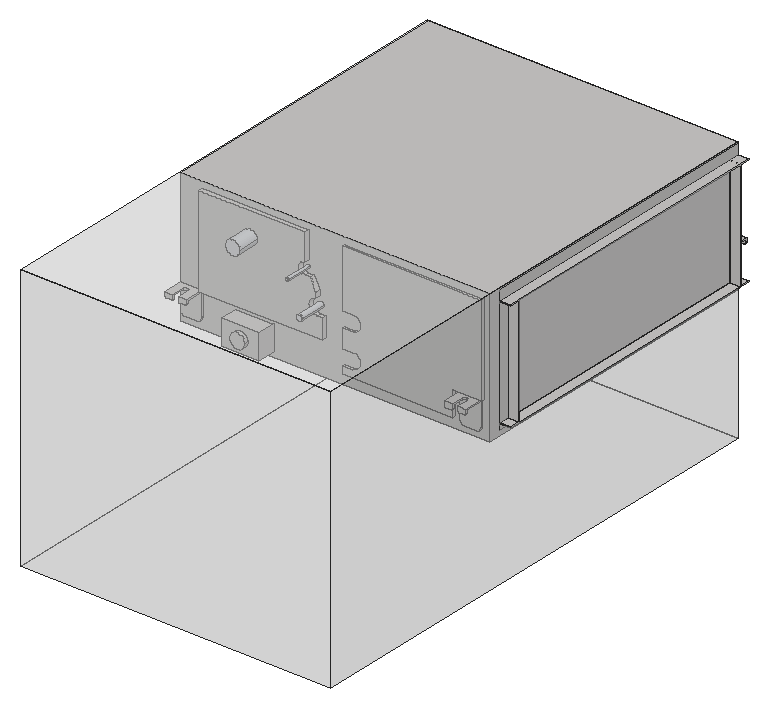
Revit family "outputfile", category 機械設備, Revit 2024
Family settings
  丸型コネクタ寸法 = 半径を使用
  パーツ タイプ = 標準
  OmniClass 番号 = 23.75.10.24.21.27.27
  OmniClass タイトル = Split System Air Conditioning Units
  作業面ベース = いいえ
  常に垂直 = はい
  ロード時にボイドで切り取り = いいえ
  注釈の向きを維持 = いいえ
  共有 = いいえ
  部屋計算ポイント = はい
Parameters (values of type "FXMQ40PBV1")
  製造元 = "Daikin"
  書き出し IFC クラス(タイプ) = "IfcUnitaryEquipmentType"
  定義済み IFC タイプ(タイプ) = "AIRCONDITIONINGUNIT"
  モデル = "FXMQ40PBV1"
  r_Liquid Pipe Size = Liquid Pipe Size / 2  # 3.2 mm
  r_Gas Pipe Size = Gas Pipe Size / 2  # 6.35 mm
  r_Drain Pipe Size = Drain Pipe Size / 2  # 16.0 mm
  lw_power = 396.0 mm  # constant formula
  lh_SA = 165.0 mm  # constant formula
  lw_SA = if(Depth = 550.0 mm, 210.0 mm, if(Depth = 700.0 mm, 285.0 mm, if(Depth = 1000.0 mm, 435.0 mm, 635.0 mm)))  # 285.0 mm
  lw_RA = if(Depth = 550.0 mm, 288.0 mm, if(Depth = 700.0 mm, 363.0 mm, if(Depth = 1000.0 mm, 513.0 mm, 713.0 mm)))  # 363.0 mm
  lh_power = 60.0 mm + [h***]  # 60.0 mm
  lh_mountinghole1 = lh_mountinghole + [h***]  # 80.0 mm
  lh_RA = 150.0 mm  # constant formula
  ld_power = Depth / 2  # 350.0 mm
  Voltage_comment_60Hz = "220-240"
  Voltage_comment_50Hz = "220-240"
  Voltage_60Hz = 220 V
  Voltage_50Hz = 220 V
  Supply Air Direction [instance] = yes
  Phase_60Hz = 1
  Phase_50Hz = 1
  Minimum External Static Pressure = 30.00 Pa
  Minimum Circuit Amps_60Hz = 1.4 A
  Minimum Circuit Amps_50Hz = 1.4 A
  Maximum Fuse Amps_60Hz = 16.0 A
  Maximum Fuse Amps_50Hz = 16.0 A
  Maximum External Static Pressure = 160.00 Pa
  Material_Casing = DAIKIN_GalvanizedSteel_Casing_indoorunit
  lw_mountinghole = 631.0 mm  # constant formula
  lh_gaspipe = 144.0 mm + [h***]  # 144.0 mm
  lh_mountinghole = 80.0 mm  # constant formula
  lh_liquidpipe = 212.0 mm + [h***]  # 212.0 mm
  lh_drainpipe = 232.0 mm + [h***]  # 232.0 mm
  lh_antena = Height - lh_mountinghole + 1.0 mm  # 221.0 mm
  ld_drainpipe = Depth / 2 + 59.0 mm  # 409.0 mm
  ld_liquidpipe = 410.0 mm
  ld_gaspipe = 410.0 mm
  ld_mountinghole = Depth + 38.0 mm  # 738.0 mm
  h*** = 0.0 mm  # constant formula
  lw_liquidpipe = 290.0 mm  # constant formula
  lw_gaspipe = 318.0 mm  # constant formula
  lw_drainpipe = 167.0 mm  # constant formula
  Width = 700.0 mm
  Version = "ver.1.0"
  Unit Type = "Duct_M.S.P."
  Unit Mass Weight = 27.00 kg
  Unit Designation [instance] = ""
  Uniclass2015Version = "Products v1.30"
  Uniclass2015Title = "Variable refrigerant flow units"
  Uniclass2015Code = "Pr_70_65_03_94"
  Total Heating Capacity [instance] = 0.000 kW
  Total Cooling Capacity [instance] = 0.000 kW
  Sound Pressure Level_L speed (dBA) = 35
  Sound Pressure Level_H speed (dBA) = 37
  Series = "VRV Fan Coil Unit"
  Sensible Cooling Capacity [instance] = 0.000 kW
  SA Duct Size Width = if(Depth = 550.0 mm, 310.0 mm, if(Depth = 700.0 mm, 460.0 mm, if(Depth = 1000.0 mm, 760.0 mm, 1160.0 mm)))  # 460.0 mm
  SA Duct Size Height = 215.0 mm
  Refrigerant Type = "R410A"
  RA Duct Size Width = if(Depth = 550.0 mm, 475.0 mm, if(Depth = 700.0 mm, 625.0 mm, if(Depth = 1000.0 mm, 925.0 mm, 1325.0 mm)))  # 625.0 mm
  RA Duct Size Height = 247.0 mm
  Power Input (Heating) = 0.139 kW
  Power Input (Cooling) = 0.151 kW
  Option Accessory 3 [instance] = ""
  Option Accessory 2 [instance] = ""
  Option Accessory 1 [instance] = ""
  Nominal Heating Capacity = 5.000 kW
  Nominal Cooling Capacity = 4.500 kW
  Minimum Airflow = 660.00 m³/h
  Median Airflow = 0.00 m³/h
  Maximum Airflow = 780.00 m³/h
  Load Classification = HVAC
  Liquid Pipe Size = 6.4 mm
  Link_Nested Family [instance] = ""
  IfcVersion = ""
  IfcExportType = "AIRCONDITIONINGUNIT"
  IfcExportAs = "IfcUnitaryEquipmentType"
  Height = 300.0 mm
  Heating Entering Wet Bulb Temperature [instance] = 0.00 °C
  Heating Entering Dry Bulb Temperature [instance] = 0.00 °C
  Heating Ambient Wet Bulb Temperature [instance] = 0.00 °C
  Heating Ambient Dry Bulb Temperature [instance] = 0.00 °C
  Heat Exchanger Type = "Cross Fin Coil"
  Gas Pipe Size = 12.7 mm
  Frequency_60Hz = 60 Hz
  Frequency_50Hz = 50 Hz
  Fan Type = "Sirocco Fan"
  Fan Drive = "Direct Drive"
  FCU Tag No. [instance] = ""
  Drain Pipe Size = 32.0 mm
  Design Supply Airflow [instance] = 0.00 m³/h
  Design Return Airflow [instance] = 0.00 m³/h
  Design External Static Pressure [instance] = 0.00 Pa
  Depth = 700.0 mm
  既定の高さ = 0.0 mm
  Cooling Entering Wet Bulb Temperature [instance] = 0.00 °C
  Cooling Entering Dry Bulb Temperature [instance] = 0.00 °C
  Cooling Ambient Wet Bulb Temperature [instance] = 0.00 °C
  Cooling Ambient Dry Bulb Temperature [instance] = 0.00 °C
  Clearance visibility [instance] = yes
  Clearance Top = 0.0 mm
  Clearance Right = 0.0 mm
  Clearance Rear = 0.0 mm
  Clearance Left = 0.0 mm
  Clearance Front = 450.0 mm
  Clearance Bottom = 300.0 mm
Reference planes
  plane 1 "Center (Front/Back)": y = 0
  plane 2 "h": z = 0
  plane 3 "Center (Left/Right)": x = 0
  plane 4 "Back": y = 350
  plane 5 "Front": y = -350
  plane 6 "Left": x = -350
  plane 7 "Reight": x = 350
  plane 8 "Top": z = 0
  plane 9 "Bottom": z = -300
  plane 10: y = -215
  plane 11: y = 350
  plane 12: y = -800
  plane 13: x = -350
  plane 14: x = 350
  plane 15: z = 0
  plane 16: z = -600
  plane 17: x = -350
  plane 18: z = -135
  plane 19: x = -349
  plane 20: x = 349
  plane 21: y = 65
  plane 22: y = 13
  plane 23: z = -150
  plane 24: y = -360.8
  plane 25: z = -14
  plane 26: z = -219
  plane 27: x = -60
  plane 28: x = -20
  plane 29: z = -156
  plane 30: x = -32
  plane 31: z = -88
  plane 32: x = 23
  plane 33: x = 335
  plane 34: z = -15.8
  plane 35: z = -274.8
  plane 36: z = -219.8
  plane 37: x = 271
  plane 38: x = -223.3
  plane 39: x = -138.3
  plane 40: z = -232.7
  plane 41: z = -288.5
  plane 42: y = -391
  plane 43: x = -181
  plane 44: z = -260
  plane 45: y = -399
  plane 46: z = -163.8
  plane 47: z = -239.8
  plane 48: x = 46
  plane 49: z = -88
  plane 50: x = -60
  plane 51: y = -410
  plane 52: z = -156
  plane 53: x = -32
  plane 54: y = -409
  plane 55: z = -68
  plane 56: x = -183
  plane 57: x = -183
  plane 58: x = -60
  plane 59: x = -32
  plane 60: x = 46
  plane 61: x = -323
  plane 62: x = 308
  plane 63: y = -369
  plane 64: y = 369
  plane 65: z = -220
  plane 66: y = -356
  plane 67: x = -298.5
  plane 68: x = -374
  plane 69: x = 374
Forms (mm)
  Extrusion 1, solid, material "DAIKIN_GalvanizedSteel_Casing_indoorunit" <- "Material_Casing"
    sketch origin (0, 0, 0) x (1, 0, 0) y (0, 1, 0)
      loop
        line (-349, 350) -> (-349, -350) -> (349, -350) -> (349, 350) -> (-349, 350)
    from -300 to 0
  Extrusion 2, solid, material "DAIKIN_GalvanizedSteel_Casing_indoorunit" <- "Material_Casing"
    sketch origin (0, 0, 0) x (1, 0, 0) y (0, 0, 1)
      loop
        line (-298.5, -219) -> (-20, -219) -> (-20, -173.5) -> (-32, -173.5)
        arc (-32, -173.5) -> (-49.471, -157.002) -> (-34, -138.615) r 17.5
        line (-34, -138.615) -> (-34, -127.5) -> (-47, -101) -> (-60, -101)
        arc (-60, -101) -> (-73, -88) -> (-60, -75) r 13
        line (-60, -75) -> (-60, -14) -> (-298.5, -14) -> (-298.5, -219)
    from 350 to 360.8
  Extrusion 3, solid, material "DAIKIN_GalvanizedSteel_Casing_indoorunit" <- "Material_Casing"
    sketch origin (0, 0, 0) x (1, 0, 0) y (0, 0, 1)
      loop
        line (23, -274.8) -> (271, -274.8) -> (271, -219.8) -> (335, -219.8) -> (335, -15.8) -> (23, -15.8) -> (23, -146.3) -> (46, -146.3)
        arc (46, -146.3) -> (63.5, -163.8) -> (46, -181.3) r 17.5
        line (46, -181.3) -> (23, -181.3) -> (23, -222.3) -> (46, -222.3)
        arc (46, -222.3) -> (63.5, -239.8) -> (46, -257.3) r 17.5
        line (46, -257.3) -> (23, -257.3) -> (23, -274.8)
    from 350 to 356
  Extrusion 4, solid, material "DAIKIN_GalvanizedSteel_Casing_indoorunit" <- "Material_Casing"
    sketch origin (0, 0, 0) x (1, 0, 0) y (0, 0, 1)
      loop
        line (-223.3, -232.7) -> (-223.3, -288.5) -> (-138.3, -288.5) -> (-138.3, -232.7) -> (-223.3, -232.7)
    from 350 to 391
  Extrusion 5, solid, material "DAIKIN_GalvanizedSteel_Casing_indoorunit" <- "Material_Casing"
    sketch origin (0, 0, 0) x (1, 0, 0) y (0, 0, 1)
      loop
        circle (-181, -260) r 16.5
    from 391 to 399
  Extrusion 6, solid
    sketch origin (0, 0, 0) x (1, 0, 0) y (0, 0, 1)
      loop
        circle (-60, -88) r 3.2
    from 350 to 410
  Extrusion 7, solid
    sketch origin (0, 0, 0) x (1, 0, 0) y (0, 0, 1)
      loop
        circle (-32, -156) r 6.35
    from 350 to 410
  Extrusion 8, solid
    sketch origin (0, 0, 0) x (1, 0, 0) y (0, 0, 1)
      loop
        circle (-183, -68) r 16
    from 360.8 to 409
Dimensions and locks
  "Height": plane 8 "Top" to plane 9 "Bottom"
  equal spacing: plane 4 "Back", plane 1 "Center (Front/Back)", plane 5 "Front"
  "Depth": plane 4 "Back" to plane 5 "Front"
  equal spacing: plane 6 "Left", plane 3 "Center (Left/Right)", plane 7 "Reight"
  "Width": plane 6 "Left" to plane 7 "Reight"
  "Clearance Left": plane 13 to plane 6 "Left"
  "Clearance Right": plane 7 "Reight" to plane 14
  "Clearance Rear": plane 11 to plane 4 "Back"
  "Clearance Front": plane 5 "Front" to plane 12
  "Clearance Top": plane 15 to plane 8 "Top"
  "Clearance Bottom": plane 9 "Bottom" to plane 16
  "lh_SA": plane 18 to plane 9 "Bottom"
  locked: plane 17 to plane 19 at 1
  "lw_SA": plane 4 "Back" to plane 21
  "lw_RA": plane 22 to plane 5 "Front"
  "lh_RA": plane 23 to plane 9 "Bottom"
  locked: plane 5 "Front" to plane 24 at 10.8
  plane 30 to plane 27 to plane 6 "Left" = 28.0 mm locked, 290.0 mm locked
  plane 33 to plane 32 to plane 6 "Left" = 312.0 mm locked, 373.0 mm locked
  locked: plane 33 to plane 37 at 64
  locked: plane 36 to plane 35 at 55
  plane 39 to plane 38 to plane 6 "Left" = 85.0 mm locked, 126.7 mm locked
  locked: plane 5 "Front" to plane 42 at 41
  locked: plane 43 to plane 6 "Left" at 169
  locked: plane 42 to plane 45 at 8
  plane 46 to plane 47 to plane 35 = 76.0 mm locked, 35.0 mm locked
  locked: plane 48 to plane 32 at 23
  "lw_liquidpipe": plane 50 to plane 6 "Left"
  "lh_liquidpipe": plane 49 to plane 9 "Bottom"
  "lh_gaspipe": plane 52 to plane 9 "Bottom"
  "lw_gaspipe": plane 53 to plane 6 "Left"
  "ld_gaspipe": plane 51 to plane 1 "Center (Front/Back)"
  "ld_drainpipe": plane 54 to plane 1 "Center (Front/Back)"
  "lh_drainpipe": plane 55 to plane 9 "Bottom"
  "lw_drainpipe": plane 56 to plane 6 "Left"
  "lw_drainpipe": plane 6 "Left" to plane 57
  "lw_liquidpipe": plane 6 "Left" to plane 58
  "lw_gaspipe": plane 6 "Left" to plane 59
  "lw_power": plane 6 "Left" to plane 60
  plane 17 to plane 61 = 27.0 mm
  "lw_mountinghole": plane 61 to plane 62
  equal spacing: plane 63, plane 1 "Center (Front/Back)", plane 64
  "ld_mountinghole": plane 64 to plane 63
  "lh_mountinghole": plane 65 to plane 9 "Bottom"
  plane 8 "Top" to plane 40 to plane 41 = 232.7 mm locked, 55.8 mm locked
  locked: plane 8 "Top" to plane 44 at 260
  plane 8 "Top" to plane 25 to plane 26 = 14.0 mm locked, 205.0 mm locked
  plane 8 "Top" to plane 31 to plane 29 = 88.0 mm locked, 68.0 mm locked
  plane 8 "Top" to plane 34 to plane 35 = 15.8 mm locked, 259.0 mm locked
  locked: plane 5 "Front" to plane 66 at 6
  locked: plane 68 to plane 6 "Left" at 24
  locked: plane 7 "Reight" to plane 69 at 24
  locked: plane 67 to plane 13 at 51.5
  locked: plane 28 to plane 30 at 12
  locked: Extrusion 2 sketch curve to plane 27 at 26
  plane 5 "Front" to plane 51 = 60.0 mm
  plane 5 "Front" to plane 54 = 59.0 mm
  locked: plane 20 to plane 7 "Reight" at 1
  "r_Liquid Pipe Size": radius of Extrusion 6 sketch curve
  "r_Gas Pipe Size": radius of Extrusion 7 sketch curve
  "r_Drain Pipe Size": radius of Extrusion 8 sketch curve
  aligned and locked: level to plane 2 "h"
  aligned and locked: plane 8 "Top" to Extrusion 1
  aligned and locked: Extrusion 1 to plane 9 "Bottom"
  aligned and locked: nested 5 to plane 12
  aligned and locked: plane 13 to nested 5
  aligned and locked: plane 14 to nested 5
  aligned and locked: nested 5 to plane 13
  aligned and locked: plane 11 to nested 5
  aligned and locked: plane 15 to nested 5
  aligned and locked: plane 16 to nested 5
  aligned and locked: plane 5 "Front" to Extrusion 1 sketch curve
  aligned and locked: Extrusion 1 to plane 19
  aligned and locked: plane 20 to Extrusion 1
  aligned and locked: nested 7 to plane 19
  aligned and locked: nested 7 to plane 21
  aligned and locked: plane 18 to nested 7
  aligned and locked: plane 20 to nested 8
  aligned and locked: plane 22 to nested 8
  aligned and locked: plane 23 to nested 8
  aligned and locked: Extrusion 2 to plane 24
  aligned and locked: plane 5 "Front" to Extrusion 2
  aligned and locked: plane 35 to Extrusion 3 sketch curve
  aligned and locked: plane 37 to Extrusion 3 sketch curve
  aligned and locked: plane 36 to Extrusion 3 sketch curve
  aligned and locked: Extrusion 3 sketch curve to plane 33
  aligned and locked: Extrusion 3 sketch curve to plane 34
  aligned and locked: Extrusion 3 sketch curve to plane 32
  aligned and locked: plane 5 "Front" to Extrusion 3
  aligned and locked: Extrusion 4 sketch curve to plane 40
  aligned and locked: Extrusion 4 sketch curve to plane 38
  aligned and locked: plane 41 to Extrusion 4 sketch curve
  aligned and locked: plane 39 to Extrusion 4 sketch curve
  aligned and locked: Extrusion 4 to plane 42
  aligned and locked: plane 5 "Front" to Extrusion 4
  aligned and locked: Extrusion 5 sketch curve to plane 43
  aligned and locked: plane 44 to Extrusion 5 sketch curve
  aligned and locked: Extrusion 5 to plane 45
  aligned and locked: plane 42 to Extrusion 5
  aligned and locked: Extrusion 6 sketch curve to plane 50
  aligned and locked: plane 49 to Extrusion 6 sketch curve
  aligned and locked: Extrusion 6 to plane 51
  aligned and locked: plane 5 "Front" to Extrusion 6
  aligned and locked: Extrusion 7 sketch curve to plane 53
  aligned and locked: plane 52 to Extrusion 7 sketch curve
  aligned and locked: Extrusion 7 to Extrusion 6
  aligned and locked: plane 5 "Front" to Extrusion 7
  aligned and locked: Extrusion 8 sketch curve to plane 56
  aligned and locked: Extrusion 8 sketch curve to plane 55
  aligned and locked: Extrusion 8 to plane 54
  aligned and locked: plane 24 to Extrusion 8
  aligned and locked: nested 3 to plane 54
  aligned and locked: plane 57 to nested 3
  aligned and locked: plane 58 to nested 2
  aligned and locked: nested 2 to plane 51
  aligned and locked: nested 1 to plane 59
  aligned and locked: Extrusion 7 to plane 51
  aligned and locked: nested 1 to plane 51
  aligned and locked: nested 6 to plane 5 "Front"
  aligned and locked: nested 6 to plane 60
  aligned and locked: plane 61 to nested 10
  aligned and locked: nested 10 to plane 5 "Front"
  aligned and locked: plane 62 to nested 9
  aligned and locked: nested 9 to plane 5 "Front"
  aligned and locked: nested 11 to plane 61
  aligned and locked: plane 4 "Back" to nested 11
  aligned and locked: nested 12 to plane 62
  aligned and locked: plane 4 "Back" to nested 12
  aligned and locked: plane 65 to nested 10
  aligned and locked: plane 65 to nested 11
  aligned and locked: plane 65 to nested 9
  aligned and locked: plane 65 to nested 12
  aligned and locked: plane 61 to nested 14
  aligned and locked: nested 14 to plane 64
  aligned and locked: plane 62 to nested 13
  aligned and locked: nested 13 to plane 64
  aligned and locked: plane 62 to nested 16
  aligned and locked: plane 63 to nested 16
  aligned and locked: plane 63 to nested 15
  aligned and locked: plane 61 to nested 15
  aligned and locked: Extrusion 3 to plane 66
  aligned and locked: plane 67 to Extrusion 2 sketch curve
  aligned and locked: nested 17 to plane 21
  aligned and locked: nested 17 to plane 68
  aligned and locked: plane 18 to nested 17
  aligned and locked: plane 22 to nested 18
  aligned and locked: plane 69 to nested 18
  aligned and locked: nested 18 to plane 23
  aligned and locked: nested 4 to plane 3 "Center (Left/Right)"
  aligned and locked: plane 1 "Center (Front/Back)" to nested 4
  aligned and locked: level to plane 8 "Top"
  aligned and locked: Extrusion 2 sketch curve to plane 28
  aligned and locked: Extrusion 2 sketch curve to plane 26
Automatic sketch dimensions
  plane 6 "Left" to Extrusion 1 sketch curve = 1.0 mm
  Extrusion 1 sketch curve to plane 7 "Reight" = 1.0 mm
  Extrusion 1 sketch curve to plane 4 "Back" = 0.0 mm
  Extrusion 3 sketch curve to plane 32 = 0.0 mm  (x2)
  Extrusion 3 sketch curve to plane 46 = 0.0 mm
  Extrusion 3 sketch curve to plane 48 = 0.0 mm  (x2)
  Extrusion 3 sketch curve to plane 47 = 0.0 mm
  Extrusion 3 sketch curve to plane 36 = 2.5 mm
  plane 23 to Extrusion 3 sketch curve = 3.7 mm
  Extrusion 2 sketch curve to plane 25 = 0.0 mm
  plane 27 to Extrusion 2 sketch curve = 0.0 mm
  Extrusion 2 sketch curve to plane 30 = 0.0 mm
  Extrusion 2 sketch curve to plane 29 = 0.0 mm
  Extrusion 2 sketch curve to plane 31 = 0.0 mm
  Extrusion 2 sketch curve to Extrusion 2 sketch curve = 13.0 mm
  Extrusion 2 sketch curve to plane 29 = 17.5 mm
  Extrusion 2 sketch curve to plane 31 = 13.0 mm
  plane 18 to Extrusion 2 sketch curve = 7.5 mm
  radius of Extrusion 5 sketch curve = 16.5 mm
Nested families
  nested 1: "daikin_connector_rotate2" at (-32, 0, -156), length <- "ld_gaspipe", built-in parameter 1001364 <- "lh_gaspipe", radius <- "r_Gas Pipe Size", type "daikin_connector_rotate2"
    with radius 6.35 mm, length 410.0 mm, angle_vertical 90.00°
  nested 2: "daikin_connector_rotate2" at (-60, 0, -88), length <- "ld_liquidpipe", built-in parameter 1001364 <- "lh_liquidpipe", radius <- "r_Liquid Pipe Size", type "daikin_connector_rotate2"
    with radius 3.2 mm, length 410.0 mm, angle_vertical 90.00°
  nested 3: "daikin_connector_rotate2" at (-183, 0, -68), length <- "ld_drainpipe", built-in parameter 1001364 <- "lh_drainpipe", radius <- "r_Drain Pipe Size", type "daikin_connector_rotate2"
    with radius 16.0 mm, length 409.0 mm, angle_vertical 90.00°
  nested 4: "daikin_△_symbolicline" at (0, 0, 300) x (0, -1, 0) z (0, 0, 1), built-in parameter 1001364 <- "Height", visible <- "Supply Air Direction", type "daikin_△_symbolicline"
    with length 200.0 mm
  nested 5: "daikin_clearancespace" at (0, -225, -299.881), visible <- "Clearance visibility", show <- "Clearance visibility", Link_Nested Family <- "Link_Nested Family", type "daikin_clearancespace"
    with width 700.0 mm, show yes, height 600.0 mm, depth 1150.0 mm, Link_Nested Family ""
  nested 6: "daikin_connector_rotate2" at (46, 0, -240), built-in parameter 1001364 <- "lh_power", length <- "ld_power", type "daikin_connector_rotate2"
    with radius 10.0 mm, length 350.0 mm, angle_vertical 90.00°
  nested 7: "daikin_ductflange_FXMQ-PBV1_2" at (-349, 65, -135) x (0, -1, 0) z (0, 0, 1), type "daikin_ductflange_FXMQ-PBV1_2"
    with width 460.0 mm, w 700.0 mm
  nested 8: "daikin_ductflange_FXMQ-PBV1_1" at (349, 13, -150) x (0, 1, 0) z (0, 0, 1), type "daikin_ductflange_FXMQ-PBV1_1"
    with width 625.0 mm, w 700.0 mm
  nested 9: "daikin_hangerfixture_FXMQ-PBV1" at (308, -350, -220), type "daikin_hangerfixture_FXMQ-PBV1"
  nested 10: "daikin_hangerfixture_FXMQ-PBV1" at (-323, -350, -220), type "daikin_hangerfixture_FXMQ-PBV1"
  nested 11: "daikin_hangerfixture_FXMQ-PBV1" at (-323, 350, -220) x (-1, 0, 0) z (0, 0, 1), type "daikin_hangerfixture_FXMQ-PBV1"
  nested 12: "daikin_hangerfixture_FXMQ-PBV1" at (308, 350, -220) x (-1, 0, 0) z (0, 0, 1), type "daikin_hangerfixture_FXMQ-PBV1"
  nested 13: "daikin_mountinghole" at (308, 369, -300), h_mountinghole <- "lh_mountinghole1", l_antenna <- "lh_antena", Link_Nested Family <- "Link_Nested Family", type "daikin_mountinghole"
    with show yes, l_antenna 221.0 mm, h_mountinghole 80.0 mm, Link_Nested Family ""
  nested 14: "daikin_mountinghole" at (-323, 369, -300), h_mountinghole <- "lh_mountinghole1", l_antenna <- "lh_antena", Link_Nested Family <- "Link_Nested Family", type "daikin_mountinghole"
    with show yes, l_antenna 221.0 mm, h_mountinghole 80.0 mm, Link_Nested Family ""
  nested 15: "daikin_mountinghole" at (-323, -369, -300), h_mountinghole <- "lh_mountinghole1", l_antenna <- "lh_antena", Link_Nested Family <- "Link_Nested Family", type "daikin_mountinghole"
    with show yes, l_antenna 221.0 mm, h_mountinghole 80.0 mm, Link_Nested Family ""
  nested 16: "daikin_mountinghole" at (308, -369, -300), h_mountinghole <- "lh_mountinghole1", l_antenna <- "lh_antena", Link_Nested Family <- "Link_Nested Family", type "daikin_mountinghole"
    with show yes, l_antenna 221.0 mm, h_mountinghole 80.0 mm, Link_Nested Family ""
  nested 17: "daikin_connector_rotate2" at (-350, 65, -135) x (0, -1, 0) z (0, 0, 1), type "daikin_connector_rotate2"
    with radius 10.0 mm, length 24.0 mm, angle_vertical 90.00°
  nested 18: "daikin_connector_rotate2" at (350, 13, -150) x (0, 1, 0) z (0, 0, 1), type "daikin_connector_rotate2"
    with radius 10.0 mm, length 24.0 mm, angle_vertical 90.00°
Connectors
  piping at (-183, -409, -68), diameter 32, driven by "r_Drain Pipe Size"
    settings: on nested 3, index 3, connector inside diameter 609.6 mm, connector length 0.0 mm, flow factor 0, pipe flow 0.00 m³/h, pressure drop 0.0 Pa, fitting loss kfactor 0, connector angle 0.00°, fixture units 0, engagement length 0.0 mm, angle of deflection 0.00°, flow configuration 1, flow direction 2, fitting loss method 4, system type 16, joint type 0, gender type 0, connector reference index -1, connector utility 0, adjustable connector no, is connector primary yes, connector description "Condensate Drain Piping"
  piping at (-32, -410, -156), diameter 12.7, driven by "r_Gas Pipe Size"
    settings: on nested 1, index 4, connector inside diameter 609.6 mm, connector length 0.0 mm, flow factor 0, pipe flow 0.00 m³/h, pressure drop 0.0 Pa, fitting loss kfactor 0, connector angle 0.00°, fixture units 0, engagement length 0.0 mm, angle of deflection 0.00°, flow configuration 1, flow direction 2, fitting loss method 0, system type 29, joint type 0, gender type 0, connector reference index -1, connector utility 0, adjustable connector no, is connector primary no, connector description "Refrigerant Gas Piping"
  piping at (-60, -410, -88), diameter 6.4, driven by "r_Liquid Pipe Size"
    settings: on nested 2, index 5, connector inside diameter 609.6 mm, connector length 0.0 mm, flow factor 0, pipe flow 0.00 m³/h, pressure drop 0.0 Pa, fitting loss kfactor 0, connector angle 0.00°, fixture units 0, engagement length 0.0 mm, angle of deflection 0.00°, flow configuration 1, flow direction 1, fitting loss method 0, system type 29, joint type 0, gender type 0, connector reference index -1, connector utility 0, adjustable connector no, is connector primary no, connector description "Refrigerant Liquid Piping"
  electrical at (46, -350, -240), driven by "Load Classification"
    settings: on nested 6, index 6, voltage 0 V, apparent load 0 VA, apparent load phase1 0 VA, apparent load phase2 0 VA, apparent load phase3 0 VA, power factor 1, load classification "HVAC", number of poles 1, system type 30, power factor state 1, is connector primary yes, connector utility no, sub classification motor no, connector description "Power Supply"
  hvac at (-374, 65, -135), driven by "SA Duct Size Height", driven by "SA Duct Size Width"
    settings: on nested 17, index 7, duct flow 0.00 m³/h, flow factor 0, pres drop 0.00 Pa, loss coef 0, conn angle 0.00°, conn width 460.0 mm, conn height 215.0 mm, conn diameter 609.6 mm, duct sys type 1, conn prof type 1, flow config 0, flow direction 2, loss method 4, conn ref index -1, conn util no, is conn primary yes, conn desc "SA Duct"
  hvac at (374, 13, -150), driven by "RA Duct Size Height", driven by "RA Duct Size Width"
    settings: on nested 18, index 8, duct flow 0.00 m³/h, flow factor 0, pres drop 0.00 Pa, loss coef 0, conn angle 0.00°, conn width 625.0 mm, conn height 247.0 mm, conn diameter 609.6 mm, duct sys type 2, conn prof type 1, flow config 0, flow direction 1, loss method 4, conn ref index -1, conn util no, is conn primary no, conn desc "RA Duct"
Definition of nested family "daikin_clearancespace"
  Parameters (values of type "daikin_clearancespace")
    Description = "daikin_clearancespace"
    width [instance] = 1823.963 mm
    show [instance] = yes
    material = none
    height [instance] = 1359.762 mm
    depth [instance] = 880.0 mm
    Default Elevation = 0.0 mm
    Link_Nested Family [instance] = ""
  Reference planes
    plane 1 "Center (Front/Back)": y = 0
    plane 2 "Center (Elevation)": z = -0.119
    plane 3 "Center (Left/Right)": x = 0
    plane 4: y = 440
    plane 5: y = -440
    plane 6 "Right": x = 911.982
    plane 7 "Left": x = -911.982
    plane 8 "Top": z = 679.762
    plane 9 "Bottom": z = -680
  Forms (mm)
    Extrusion 1, solid, material <- "material", visible <- "show"
      sketch origin (0, 0, 0) x (1, 0, 0) y (0, 1, 0)
        loop
          line (-911.982, 440) -> (-911.982, -440) -> (911.982, -440) -> (911.982, 440) -> (-911.982, 440)
      from -680 to 679.762
  Lines and regions (mm)
    symbolic lines, visible <- "show"
      curve 1: line (911.982, 440, 0) -> (-911.982, 440, 0)
      curve 2: line (-911.982, 440, 0) -> (-911.982, -440, 0)
      curve 3: line (-911.982, -440, 0) -> (911.982, -440, 0)
      curve 4: line (911.982, -440, 0) -> (911.982, 440, 0)
      curve 5: line (911.982, 0, 679.762) -> (-911.982, 0, 679.762)
      curve 6: line (911.982, 0, -680) -> (911.982, 0, 679.762)
      curve 7: line (-911.982, 0, -680) -> (911.982, 0, -680)
      curve 8: line (-911.982, 0, 679.762) -> (-911.982, 0, -680)
      curve 9: line (0, 440, 679.762) -> (0, -440, 679.762)
      curve 10: line (0, -440, 679.762) -> (0, -440, -680)
      curve 11: line (0, 440, -680) -> (0, 440, 679.762)
      curve 12: line (0, -440, -680) -> (0, 440, -680)
  Dimensions and locks
    "width": plane 7 "Left" to plane 6 "Right"
    "depth": plane 4 to plane 5
    "height": plane 8 "Top" to plane 9 "Bottom"
    equal spacing: plane 7 "Left", plane 3 "Center (Left/Right)", plane 6 "Right"
    equal spacing: plane 4, plane 1 "Center (Front/Back)", plane 5
    equal spacing: plane 8 "Top", plane 2 "Center (Elevation)", plane 9 "Bottom"
    aligned and locked: level to plane 2 "Center (Elevation)"
    aligned and locked: Extrusion 1 sketch curve to plane 4
    aligned and locked: plane 7 "Left" to Extrusion 1 sketch curve
    aligned and locked: Extrusion 1 sketch curve to plane 5
    aligned and locked: Extrusion 1 sketch curve to plane 6 "Right"
    aligned and locked: plane 8 "Top" to Extrusion 1
    aligned and locked: curve 1 to Extrusion 1
    aligned and locked: curve 2 to Extrusion 1
    aligned and locked: curve 3 to Extrusion 1
    aligned and locked: curve 4 to Extrusion 1
    aligned and locked: curve 5 to Extrusion 1
    aligned and locked: curve 6 to Extrusion 1
    aligned and locked: curve 7 to Extrusion 1
    aligned and locked: curve 8 to Extrusion 1
    aligned and locked: curve 9 to Extrusion 1
    aligned and locked: curve 10 to Extrusion 1
    aligned and locked: curve 11 to Extrusion 1
    aligned and locked: curve 12 to Extrusion 1
    aligned and locked: Extrusion 1 to plane 9 "Bottom"
Definition of nested family "daikin_ductflange_FXMQ-PBV1_2"
  Parameters (values of type "daikin_ductflange_FXDSQ-AVM2")
    width = if(w = 550.0 mm, 310.0 mm, if(w = 700.0 mm, 460.0 mm, if(w = 1000.0 mm, 760.0 mm, 1160.0 mm)))  # 310.0 mm
    material = none
    height = 215.0 mm
    depth = 1.0 mm
    w = 550.0 mm
    Default Elevation = 0.0 mm
  Reference planes
    plane 1 "Center (Front/Back)": y = 0
    plane 2: z = 0
    plane 3 "Center (Left/Right)": x = 0
    plane 4: z = 107.5
    plane 5: z = -107.5
    plane 6: y = -25
    plane 7: z = 132.5
    plane 8: z = 108.5
    plane 9: y = -1
    plane 10: x = -177.5
    plane 11: x = 177.5
    plane 12: z = -132.5
    plane 13: z = -108.5
    plane 14: y = -1
    plane 15: x = 155
    plane 16: x = -155
    plane 17: x = 156
    plane 18: z = 106.5
    plane 19: z = -106.5
    plane 20: x = -156
    plane 21: z = 106.5
    plane 22: z = -106.5
    plane 23: y = -1
  Forms (mm)
    Extrusion 1, solid, material <- "material"
      sketch origin (0, 0, 0) x (0, 1, 0) y (0, 0, 1)
        loop
          line (-25, 107.5) -> (0, 107.5) -> (0, 132.5) -> (-1, 132.5) -> (-1, 108.5) -> (-25, 108.5) -> (-25, 107.5)
      from -177.5 to 177.5
    Extrusion 2, solid, material <- "material"
      sketch origin (0, 0, 0) x (0, 1, 0) y (0, 0, 1)
        loop
          line (-25, -107.5) -> (-25, -108.5) -> (-1, -108.5) -> (-1, -132.5) -> (0, -132.5) -> (0, -107.5) -> (-25, -107.5)
      from -177.5 to 177.5
    Extrusion 3, solid, material <- "material"
      sketch origin (0, 0, 0) x (1, 0, 0) y (0, 0, 1)
        loop
          line (155, 107.5) -> (155, -107.5) -> (177.5, -107.5) -> (177.5, -106.5) -> (156, -106.5) -> (156, 106.5) -> (177.5, 106.5) -> (177.5, 107.5) -> (155, 107.5)
      from 0 to 25
    Extrusion 4, solid, material <- "material"
      sketch origin (0, 0, 0) x (1, 0, 0) y (0, 0, 1)
        loop
          line (-177.5, 107.5) -> (-177.5, 106.5) -> (-156, 106.5) -> (-156, -106.5) -> (-177.5, -106.5) -> (-177.5, -107.5) -> (-155, -107.5) -> (-155, 107.5) -> (-177.5, 107.5)
      from 0 to 25
    Extrusion 5, solid, material <- "material"
      sketch origin (0, 0, 0) x (1, 0, 0) y (0, 0, 1)
        loop
          line (-177.5, 107.5) -> (-177.5, -107.5) -> (-155, -107.5) -> (-155, 107.5) -> (-177.5, 107.5)
        loop
          line (177.5, 107.5) -> (155, 107.5) -> (155, -107.5) -> (177.5, -107.5) -> (177.5, 107.5)
      from 0 to 1
  Cuts and joins
    joined: Extrusion 1, Extrusion 2, Extrusion 3, Extrusion 4, Extrusion 5
  Dimensions and locks
    plane 4 to level to plane 5 = 107.5 mm locked, 107.5 mm locked
    locked: plane 6 to plane 1 "Center (Front/Back)" at 25
    locked: plane 9 to plane 1 "Center (Front/Back)" at 1
    locked: plane 8 to plane 4 at 1
    locked: plane 11 to plane 15 at 22.5
    locked: plane 16 to plane 10 at 22.5
    locked: plane 17 to plane 15 at 1
    locked: plane 4 to plane 18 at 1
    locked: plane 19 to plane 5 at 1
    "width": plane 15 to plane 16
    plane 4 to plane 5 = 215.0 mm
    equal spacing: plane 15, plane 3 "Center (Left/Right)", plane 16
    locked: plane 16 to plane 20 at 1
    locked: plane 4 to plane 21 at 1
    locked: plane 22 to plane 5 at 1
    locked: plane 23 to plane 1 "Center (Front/Back)" at 1
    aligned and locked: level to plane 2
    aligned and locked: Extrusion 1 to plane 10
    aligned and locked: plane 11 to Extrusion 1
    aligned and locked: plane 5 to Extrusion 2
    aligned and locked: Extrusion 2 to plane 1 "Center (Front/Back)"
    aligned and locked: plane 15 to Extrusion 3 sketch curve
    aligned and locked: Extrusion 3 sketch curve to Extrusion 2  (x2)
    aligned and locked: Extrusion 3 sketch curve to plane 11
    aligned and locked: plane 6 to Extrusion 3
    aligned and locked: Extrusion 2 to plane 10
    aligned and locked: plane 11 to Extrusion 2
    aligned and locked: Extrusion 4 sketch curve to Extrusion 1  (x2)
    aligned and locked: plane 5 to Extrusion 4 sketch curve
    aligned and locked: Extrusion 4 sketch curve to plane 16
    aligned and locked: Extrusion 4 sketch curve to plane 22
    aligned and locked: plane 20 to Extrusion 4 sketch curve
    aligned and locked: plane 21 to Extrusion 4 sketch curve
    aligned and locked: Extrusion 4 to plane 1 "Center (Front/Back)"
    aligned and locked: plane 6 to Extrusion 4
    aligned and locked: Extrusion 5 sketch curve to Extrusion 1  (x4)
    aligned and locked: Extrusion 5 sketch curve to Extrusion 4  (x2)
    aligned and locked: Extrusion 5 sketch curve to Extrusion 3  (x2)
    aligned and locked: Extrusion 5 to plane 1 "Center (Front/Back)"
    aligned and locked: plane 23 to Extrusion 5
  Automatic sketch dimensions
    Extrusion 1 sketch curve to plane 6 = 0.0 mm
    Extrusion 1 sketch curve to plane 7 = 0.0 mm
    Extrusion 1 sketch curve to plane 9 = 0.0 mm
    Extrusion 1 sketch curve to plane 1 "Center (Front/Back)" = 0.0 mm
    Extrusion 1 sketch curve to plane 4 = 0.0 mm
    Extrusion 1 sketch curve to plane 8 = 0.0 mm
    Extrusion 2 sketch curve to plane 6 = 0.0 mm
    plane 12 to Extrusion 2 sketch curve = 0.0 mm
    Extrusion 2 sketch curve to plane 14 = 0.0 mm
    Extrusion 2 sketch curve to plane 1 "Center (Front/Back)" = 0.0 mm
    plane 13 to Extrusion 2 sketch curve = 0.0 mm
    Extrusion 2 sketch curve to plane 5 = 0.0 mm
    Extrusion 3 sketch curve to plane 17 = 0.0 mm
    Extrusion 3 sketch curve to plane 19 = 0.0 mm
    Extrusion 3 sketch curve to plane 18 = 0.0 mm
    Extrusion 3 sketch curve to plane 4 = 0.0 mm
    Extrusion 4 sketch curve to plane 10 = 0.0 mm
Definition of nested family "daikin_ductflange_FXMQ-PBV1_1"
  Parameters (values of type "daikin_ductflange_FXDSQ-AVM")
    width = if(w = 550.0 mm, 475.0 mm, if(w = 700.0 mm, 625.0 mm, if(w = 1000.0 mm, 925.0 mm, 1325.0 mm)))  # 475.0 mm
    material = none
    height = 247.0 mm
    depth = 1.0 mm
    w = 550.0 mm
    Default Elevation = 0.0 mm
  Reference planes
    plane 1 "Center (Front/Back)": y = 0
    plane 2: z = 0
    plane 3 "Center (Left/Right)": x = 0
    plane 4: z = 123.5
    plane 5: z = -123.5
    plane 6: y = -25
    plane 7: z = 146.5
    plane 8: z = 124.5
    plane 9: y = -1
    plane 10: x = -260
    plane 11: x = 260
    plane 12: z = -137
    plane 13: z = -124.5
    plane 14: y = -1
    plane 15: x = 237.5
    plane 16: x = -237.5
    plane 17: x = 238.5
    plane 18: z = 122.5
    plane 19: z = -122.5
    plane 20: x = -238.5
    plane 21: z = 122.5
    plane 22: z = -122.5
    plane 23: y = -1
  Forms (mm)
    Extrusion 1, solid, material <- "material"
      sketch origin (0, 0, 0) x (0, 1, 0) y (0, 0, 1)
        loop
          line (-25, 123.5) -> (0, 123.5) -> (0, 146.5) -> (-1, 146.5) -> (-1, 124.5) -> (-25, 124.5) -> (-25, 123.5)
      from -260 to 260
    Extrusion 2, solid, material <- "material"
      sketch origin (0, 0, 0) x (0, 1, 0) y (0, 0, 1)
        loop
          line (-25, -123.5) -> (-25, -124.5) -> (-1, -124.5) -> (-1, -137) -> (0, -137) -> (0, -123.5) -> (-25, -123.5)
      from -260 to 260
    Extrusion 3, solid, material <- "material"
      sketch origin (0, 0, 0) x (1, 0, 0) y (0, 0, 1)
        loop
          line (237.5, 123.5) -> (237.5, -123.5) -> (260, -123.5) -> (260, -122.5) -> (238.5, -122.5) -> (238.5, 122.5) -> (260, 122.5) -> (260, 123.5) -> (237.5, 123.5)
      from 0 to 25
    Extrusion 4, solid, material <- "material"
      sketch origin (0, 0, 0) x (1, 0, 0) y (0, 0, 1)
        loop
          line (-260, 123.5) -> (-260, 122.5) -> (-238.5, 122.5) -> (-238.5, -122.5) -> (-260, -122.5) -> (-260, -123.5) -> (-237.5, -123.5) -> (-237.5, 123.5) -> (-260, 123.5)
      from 0 to 25
    Extrusion 5, solid, material <- "material"
      sketch origin (0, 0, 0) x (1, 0, 0) y (0, 0, 1)
        loop
          line (-260, 123.5) -> (-260, -123.5) -> (-237.5, -123.5) -> (-237.5, 123.5) -> (-260, 123.5)
        loop
          line (260, 123.5) -> (237.5, 123.5) -> (237.5, -123.5) -> (260, -123.5) -> (260, 123.5)
      from 0 to 1
  Cuts and joins
    joined: Extrusion 1, Extrusion 2, Extrusion 3, Extrusion 4, Extrusion 5
  Dimensions and locks
    plane 4 to level to plane 5 = 123.5 mm, 123.5 mm
    locked: plane 6 to plane 1 "Center (Front/Back)" at 25
    locked: plane 9 to plane 1 "Center (Front/Back)" at 1
    locked: plane 8 to plane 4 at 1
    locked: plane 11 to plane 15 at 22.5
    locked: plane 16 to plane 10 at 22.5
    locked: plane 17 to plane 15 at 1
    locked: plane 4 to plane 18 at 1
    locked: plane 19 to plane 5 at 1
    "width": plane 15 to plane 16
    equal spacing: plane 15, plane 3 "Center (Left/Right)", plane 16
    locked: plane 16 to plane 20 at 1
    locked: plane 4 to plane 21 at 1
    locked: plane 22 to plane 5 at 1
    locked: plane 23 to plane 1 "Center (Front/Back)" at 1
    equal spacing: plane 4, level, plane 5
    locked: plane 7 to plane 4 at 23
    locked: plane 5 to plane 12 at 13.5
    locked: plane 1 "Center (Front/Back)" to plane 14 at 1
    locked: plane 5 to plane 13 at 1
    locked: plane 4 to plane 5 at 247
    aligned and locked: level to plane 2
    aligned and locked: Extrusion 1 to plane 10
    aligned and locked: plane 11 to Extrusion 1
    aligned and locked: plane 5 to Extrusion 2
    aligned and locked: Extrusion 2 to plane 1 "Center (Front/Back)"
    aligned and locked: plane 15 to Extrusion 3 sketch curve
    aligned and locked: Extrusion 3 sketch curve to Extrusion 2  (x2)
    aligned and locked: Extrusion 3 sketch curve to plane 11
    aligned and locked: plane 6 to Extrusion 3
    aligned and locked: Extrusion 2 to plane 10
    aligned and locked: plane 11 to Extrusion 2
    aligned and locked: Extrusion 4 sketch curve to Extrusion 1  (x2)
    aligned and locked: plane 5 to Extrusion 4 sketch curve
    aligned and locked: Extrusion 4 sketch curve to plane 16
    aligned and locked: Extrusion 4 sketch curve to plane 22
    aligned and locked: plane 20 to Extrusion 4 sketch curve
    aligned and locked: plane 21 to Extrusion 4 sketch curve
    aligned and locked: Extrusion 4 to plane 1 "Center (Front/Back)"
    aligned and locked: plane 6 to Extrusion 4
    aligned and locked: Extrusion 5 sketch curve to Extrusion 1  (x4)
    aligned and locked: Extrusion 5 sketch curve to Extrusion 4  (x2)
    aligned and locked: Extrusion 5 sketch curve to Extrusion 3  (x2)
    aligned and locked: Extrusion 5 to plane 1 "Center (Front/Back)"
    aligned and locked: plane 23 to Extrusion 5
  Automatic sketch dimensions
    Extrusion 1 sketch curve to plane 6 = 0.0 mm
    Extrusion 1 sketch curve to plane 7 = 0.0 mm
    Extrusion 1 sketch curve to plane 9 = 0.0 mm
    Extrusion 1 sketch curve to plane 1 "Center (Front/Back)" = 0.0 mm
    Extrusion 1 sketch curve to plane 4 = 0.0 mm
    Extrusion 1 sketch curve to plane 8 = 0.0 mm
    Extrusion 2 sketch curve to plane 6 = 0.0 mm
    plane 12 to Extrusion 2 sketch curve = 0.0 mm
    Extrusion 2 sketch curve to plane 14 = 0.0 mm
    Extrusion 2 sketch curve to plane 1 "Center (Front/Back)" = 0.0 mm
    plane 13 to Extrusion 2 sketch curve = 0.0 mm
    Extrusion 2 sketch curve to plane 5 = 0.0 mm
    Extrusion 3 sketch curve to plane 17 = 0.0 mm
    Extrusion 3 sketch curve to plane 19 = 0.0 mm
    Extrusion 3 sketch curve to plane 18 = 0.0 mm
    Extrusion 3 sketch curve to plane 4 = 0.0 mm
    Extrusion 4 sketch curve to plane 10 = 0.0 mm
Definition of nested family "daikin_hangerfixture_FXMQ-PBV1"
  Parameters (values of type "daikin_hangerfixture_FXMQ-PAVE")
    width = 48.0 mm
    material = none
    height = 65.0 mm
    depth = 45.0 mm
    Default Elevation = 0.0 mm
  Reference planes
    plane 1 "Center (Front/Back)": y = 0
    plane 2: z = 0
    plane 3 "Center (Left/Right)": x = 0
    plane 4: y = 417.146
    plane 5: y = -45
    plane 6: x = -24
    plane 7: x = 24
    plane 8: z = -2.3
    plane 9: z = -65
    plane 10: y = -2.3
    plane 11: z = -12
    plane 12: y = -42.7
  Forms (mm)
    Extrusion 1, solid, material <- "material"
      sketch origin (0, 0, 0) x (1, 0, 0) y (0, 1, 0)
        loop
          line (24, 0) -> (-24, 0) -> (-24, -45) -> (-6, -45) -> (-6, -19)
          arc (-6, -19) -> (0, -13) -> (6, -19) r 6
          line (6, -19) -> (6, -45) -> (24, -45) -> (24, 0)
      from 0 to -2.3
    Extrusion 2, solid, material <- "material"
      sketch origin (0, 0, 0) x (1, 0, 0) y (0, 0, 1)
        loop
          line (24, -55) -> (24, 0) -> (-24, 0) -> (-24, -55)
          arc (-24, -55) -> (-21.071, -62.071) -> (-14, -65) r 10
          line (-14, -65) -> (14, -65)
          arc (14, -65) -> (21.071, -62.071) -> (24, -55) r 10
      from 0 to 2.3
    Extrusion 3, solid, material <- "material"
      sketch origin (0, 0, 0) x (1, 0, 0) y (0, 0, 1)
        loop
          line (-6, -9) -> (-6, 0) -> (-24, 0) -> (-24, -9)
          arc (-24, -9) -> (-23.121, -11.121) -> (-21, -12) r 3
          line (-21, -12) -> (-9, -12)
          arc (-9, -12) -> (-6.879, -11.121) -> (-6, -9) r 3
        loop
          line (6, 0) -> (6, -9)
          arc (6, -9) -> (6.879, -11.121) -> (9, -12) r 3
          line (9, -12) -> (21, -12)
          arc (21, -12) -> (23.121, -11.121) -> (24, -9) r 3
          line (24, -9) -> (24, 0) -> (6, 0)
      from 42.7 to 45
  Cuts and joins
    joined: Extrusion 1, Extrusion 2, Extrusion 3
  Dimensions and locks
    "width": plane 6 to plane 7
    "depth": plane 5 to plane 1 "Center (Front/Back)"
    plane 2 to plane 8 = 2.3 mm
    "height": plane 2 to plane 9
    locked: plane 10 to plane 1 "Center (Front/Back)" at 2.3
    locked: plane 2 to plane 11 at 12
    locked: plane 12 to plane 5 at 2.3
    aligned and locked: level to plane 2
    aligned and locked: Extrusion 1 sketch curve to plane 1 "Center (Front/Back)"
    aligned and locked: plane 7 to Extrusion 1
    aligned and locked: Extrusion 1 to plane 6
    aligned and locked: Extrusion 1 to plane 5  (x2)
    aligned and locked: Extrusion 1 to plane 8
    aligned and locked: plane 2 to Extrusion 1
    aligned and locked: plane 2 to Extrusion 2 sketch curve
    aligned and locked: Extrusion 2 to plane 9
    aligned and locked: Extrusion 2 to plane 10
    aligned and locked: Extrusion 2 to plane 1 "Center (Front/Back)"
    aligned and locked: plane 2 to Extrusion 3 sketch curve  (x2)
    aligned and locked: Extrusion 3 to plane 11  (x2)
    aligned and locked: plane 12 to Extrusion 3
    aligned and locked: Extrusion 3 to plane 5
  Automatic sketch dimensions
    Extrusion 1 sketch curve to plane 6 = 0.0 mm
    Extrusion 1 sketch curve to plane 5 = 0.0 mm  (x2)
    Extrusion 1 sketch curve to plane 3 "Center (Left/Right)" = 0.0 mm
    Extrusion 1 sketch curve to plane 7 = 0.0 mm
    Extrusion 1 sketch curve to plane 3 "Center (Left/Right)" = 6.0 mm
    plane 1 "Center (Front/Back)" to Extrusion 1 sketch curve = 19.0 mm
    Extrusion 2 sketch curve to plane 7 = 0.0 mm
    Extrusion 2 sketch curve to plane 7 = 10.0 mm
    Extrusion 2 sketch curve to plane 8 = 52.7 mm
    plane 6 to Extrusion 2 sketch curve = 10.0 mm
    Extrusion 2 sketch curve to plane 6 = 0.0 mm
    Extrusion 3 sketch curve to plane 6 = 0.0 mm
    Extrusion 3 sketch curve to plane 7 = 0.0 mm
    Extrusion 3 sketch curve to Extrusion 3 sketch curve = 3.0 mm  (x2)
    Extrusion 3 sketch curve to plane 8 = 6.7 mm
    Extrusion 3 sketch curve to plane 3 "Center (Left/Right)" = 9.0 mm
    Extrusion 3 sketch curve to plane 3 "Center (Left/Right)" = 6.0 mm
    plane 3 "Center (Left/Right)" to Extrusion 3 sketch curve = 6.0 mm
    Extrusion 3 sketch curve to plane 7 = 3.0 mm
    Extrusion 3 sketch curve to plane 8 = 9.7 mm
Definition of nested family "daikin_connector_rotate2"
  Parameters (values of type "daikin_connector_rotate2")
    Default Elevation = 1219.2 mm
    show_face = no
    radius [instance] = 10.0 mm
    length [instance] = 600.0 mm
    d_surface = 10.0 mm
    angle_vertical [instance] = 90.00°
  Reference planes
    plane 1 "Center (Front/Back)": y = 0
    plane 2: z = 0
    plane 3 "Center (Left/Right)": x = 0
  Forms (mm)
    Extrusion 1, solid, visible <- "show_face"
      sketch origin (0, -600, 0) x (1, 0, 0) y (0, 0, 1)
        loop
          circle (0, 0) r 10
      from 0 to -10
  Lines and regions (mm)
    reference lines
      curve 1: line (0, 0, 0) -> (0, -600, 0)
    symbolic lines
      curve 2: circle (0, 0, 0) r 5 normal (0, 0, 1)
    model lines, visible <- "show_face"
      curve 3: line (0, 0, 0) -> (0, -600, 0)
  Dimensions and locks
    "length": curve 1 to curve 1
    "length": curve 3 to curve 3
    "d_surface": Extrusion 1 to Extrusion 1
    "radius": radius of Extrusion 1 sketch curve
    "angle_vertical": angle curve 1 to plane 1 "Center (Front/Back)"
    "angle_vertical": angle curve 3 to plane 1 "Center (Front/Back)"
    aligned and locked: level to plane 2
    aligned and locked: plane 1 "Center (Front/Back)" to curve 1
    aligned and locked: plane 2 to curve 1
    aligned and locked: plane 1 "Center (Front/Back)" to curve 2
    aligned and locked: plane 3 "Center (Left/Right)" to curve 2
    aligned and locked: plane 1 "Center (Front/Back)" to curve 3
    aligned and locked: plane 2 to curve 3
    aligned and locked: Extrusion 1 to Extrusion 1
  Automatic sketch dimensions
    Extrusion 1 sketch curve to level = 0.0 mm
    Extrusion 1 sketch curve to plane 3 "Center (Left/Right)" = 0.0 mm
    radius of curve 2 = 5.0 mm
Definition of nested family "daikin_△_symbolicline"
  Parameters (values of type "daikin_△_symbolicline")
    length [instance] = 200.0 mm
    Default Elevation = 0.0 mm
  Reference planes
    plane 1 "Center (Front/Back)": y = 0
    plane 2: z = 0
    plane 3 "Center (Left/Right)": x = 0
  Lines and regions (mm)
    symbolic lines
      curve 1: line (0, -173.205, 0) -> (100, 0, 0)
      curve 2: line (100, 0, 0) -> (-100, 0, 0)
      curve 3: line (-100, 0, 0) -> (0, -173.205, 0)
  Dimensions and locks
    equal spacing: curve 3, plane 3 "Center (Left/Right)", curve 2
    "length": curve 3 to curve 2
    "length": curve 3 to curve 3
    "length": curve 1 to curve 1
    aligned and locked: level to plane 2
    aligned and locked: curve 2 to plane 1 "Center (Front/Back)"
    aligned and locked: plane 3 "Center (Left/Right)" to curve 3
Definition of nested family "daikin_mountinghole"
  Parameters (values of type "daikin_mountinghole")
    Default Elevation = 1219.2 mm
    Type Comments = "mountinghole"
    show [instance] = yes
    material = none
    l_centerline = 100.0 mm
    l_antenna [instance] = 100.0 mm
    h_mountinghole [instance] = 0.0 mm
    d_circle = 30.0 mm
    Link_Nested Family [instance] = ""
  Reference planes
    plane 1 "Center (Front/Back)": y = 0
    plane 2: z = 0
    plane 3 "Center (Left/Right)": x = 0
    plane 4: y = 50
    plane 5: x = -50
    plane 6: x = 50
    plane 7: y = -50
    plane 8 "h_mountinghole": z = 0
    plane 9: z = 100
  Lines and regions (mm)
    model lines, detail levels fine
      curve 1: circle (0, 0, 0) r 15 normal (0, 0, 1)
      curve 2: line (-50, 0, 0) -> (50, 0, 0)
      curve 3: line (0, 50, 0) -> (0, -50, 0)
    symbolic lines, detail levels fine
      curve 4: circle (0, 0, 0) r 15 normal (0, 0, 1)
      curve 5: line (-50, 0, 0) -> (50, 0, 0)
      curve 6: line (0, 50, 0) -> (0, -50, 0)
    model lines
      curve 7: line (0, 0, 100) -> (0, 0, 0)
  Dimensions and locks
    equal spacing: plane 4, plane 1 "Center (Front/Back)", plane 7
    "l_centerline": plane 4 to plane 7
    equal spacing: plane 5, plane 3 "Center (Left/Right)", plane 6
    "l_centerline": plane 5 to plane 6
    "l_antenna": plane 9 to plane 8 "h_mountinghole"
    "h_mountinghole": plane 8 "h_mountinghole" to plane 2
    "d_circle": diameter of curve 1
    "d_circle": diameter of curve 4
    aligned and locked: level to plane 2
    aligned and locked: plane 1 "Center (Front/Back)" to curve 1
    aligned and locked: plane 3 "Center (Left/Right)" to curve 1
    aligned and locked: plane 1 "Center (Front/Back)" to curve 2
    aligned and locked: curve 3 to plane 3 "Center (Left/Right)"
    aligned and locked: plane 6 to curve 2
    aligned and locked: plane 5 to curve 2
    aligned and locked: plane 4 to curve 3
    aligned and locked: plane 7 to curve 3
    aligned and locked: plane 1 "Center (Front/Back)" to curve 4
    aligned and locked: plane 3 "Center (Left/Right)" to curve 4
    aligned and locked: plane 6 to curve 5
    aligned and locked: plane 5 to curve 5
    aligned and locked: plane 1 "Center (Front/Back)" to curve 5
    aligned and locked: plane 4 to curve 6
    aligned and locked: plane 7 to curve 6
    aligned and locked: curve 6 to plane 3 "Center (Left/Right)"
    aligned and locked: curve 7 to plane 3 "Center (Left/Right)"
    aligned and locked: plane 9 to curve 7
    aligned and locked: plane 8 "h_mountinghole" to curve 7
